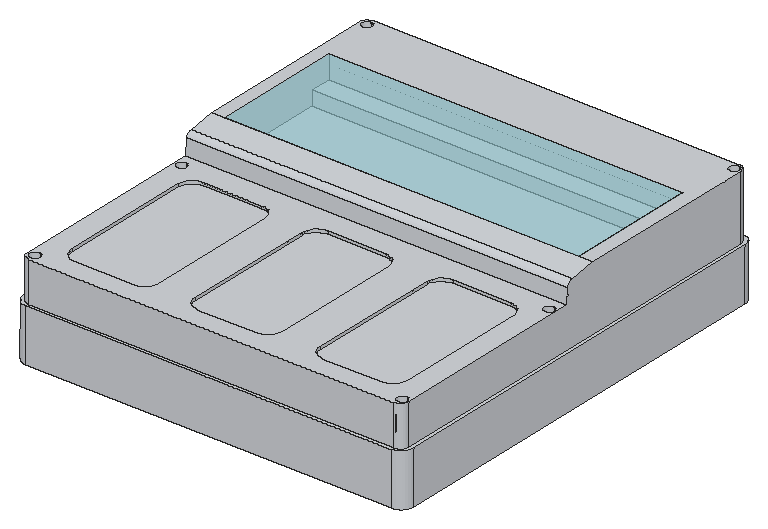
Revit family "Building-ConnessioniIEC309-GEWISS-COMBIBLOC_QUADRETTO_3PRESE", category Apparecchi elettrici, host Superficie, Revit 2019
Family settings
  Host = Superficie
  Mantenere orientamento annotazione = Sì
  Quota connettore circolare = Usa diametro
  Tipo di parte = Normale
  Taglio con vuoti quando caricato = No
  Condiviso = No
  Punto di calcolo locali = Sì
Parameters (values of type "GW66493 - QUADR.IP55 VUOTO VERT. COMBIBLOC 3 PRESE")
  simbolo 2d [instance] = yes
  Versione file RFA = "21.10"
  URL = "https://www.gewiss.com/it/it"
  Tipologia di installazione = "Da parete"
  Tipo versione = "Vuoto"
  Termopressione con biglia = "70 °C"
  Temperatura di utilizzo = "-25 +40 °C"
  Spostamento_effettivo_S [instance] = 4000 mm - Spostamento_S  # 2580 mm
  Spostamento_S = 1420 mm
  Scheda Tecnica = "https://www.gewiss.com/it/it/search?q=GW66493"
  STRUTTURA ALTA = Poche
  STRUTTURA = RAL - 7035
  SEO = "Quadretto"
  Resistenza agli urti = "IK08"
  Default Elevation = 1219.2 mm
  Produttore = "GEWISS S.p.A."
  Potenza dissipabile (W) = "24"
  Per prese: = "Compatte"
  N. prese IB alloggiabili: = "3 COMBIBLOC 16/32A"
  N. mod. EN 50022 = "12"
  N. flange in dotazione = "1"
  Modello = "GW66493"
  IDT = "14a8f57f4a104a09a3fed701f6578634"
  IDF = "8bd59a7b-e8f2-45cf-adba-4851684e172a"
  Grado di protezione = "IP55"
  Glow wire test: = "Vuoto"
  Glow Wire Test = "650°C"
  Dotazioni = "70 °C"
  Descrizione = "QUADR.IP55 VUOTO VERT. COMBIBLOC 3 PRESE"
  Creato da GEWISS S.p.A. = ""
  ConformitÃ  normativa = "EN 62208"
  Colore = "Grigio RAL 7035"
  Codice Electrocod = "0321"
  Classe isolamento = "II"
  Catalogo = "BUILDING"
  COBie.Tagnumber = ""
  COBie.CreatedOn = ""
  COBie.CreatebBy = ""
  COBie.ComponentRegisterItemID = ""
  COBie.Component.TagNumber = ""
  COBie.Component.Space = ""
  COBie.Component.SerialNumber = ""
  COBie.Component.InstallationDate = ""
  COBie.Component.Description = ""
  COBie.Component.BarCode = ""
Reference planes
  plane 1 "Centro (Fronte/Retro)": y = 0
  plane 2: z = 0
  plane 3 "Centro (Sinistra/Destra)": x = 0
  plane 4: x = -3000
  plane 5: x = -420
Forms (mm)
  Extrusion 1, solid, detail levels coarse
    sketch origin (0, 0, 0) x (1, 0, 0) y (0, 1, 0)
      loop
        line (0, 359.912) -> (0, 0) -> (320, 0) -> (320, 359.912) -> (0, 359.912)
    from 0 to 96
Lines and regions (mm)
  symbolic lines
    curve 1: line (2.511, 0, 105.105) -> (317.489, 0, 105.105)
    curve 2: line (2.511, 0, 81.105) -> (2.511, 0, 105.105)
    curve 3: line (317.489, 0, 81.105) -> (2.511, 0, 81.105)
    curve 4: line (317.489, 0, 105.105) -> (317.489, 0, 81.105)
    curve 5: line (0, 0, 81.105) -> (320, 0, 81.105)
    curve 6: line (0, 0, 0) -> (0, 0, 81.105)
    curve 7: line (320, 0, 0) -> (0, 0, 0)
    curve 8: line (320, 0, 81.105) -> (320, 0, 0)
Dimensions and locks
  plane 4 to plane 3 "Centro (Sinistra/Destra)" = 3000 mm
  "Spostamento_effettivo_S": plane 4 to plane 5
  aligned and locked: plane 2 to host face
  aligned and locked: level to host face
  aligned and locked: plane 1 "Centro (Fronte/Retro)" to nested 2
  aligned and locked: plane 3 "Centro (Sinistra/Destra)" to nested 2
  aligned and locked: Extrusion 1 sketch curve to nested 2  (x2)
  aligned and locked: Extrusion 1 to nested 2  (x3)
  aligned and locked: nested 2 to host face
  aligned and locked: nested 1 to plane 5
  aligned and locked: plane 3 "Centro (Sinistra/Destra)" to import instance
  aligned and locked: plane 1 "Centro (Fronte/Retro)" to import instance
Automatic sketch dimensions
  host sketch curve to host sketch curve = 2438.4 mm  (x2)
  plane 3 "Centro (Sinistra/Destra)" to Extrusion 1 sketch curve = 320 mm
  Extrusion 1 sketch curve to plane 1 "Centro (Fronte/Retro)" = 359.912 mm
  curve 7 to level = 0 mm
  curve 7 to plane 3 "Centro (Sinistra/Destra)" = 0 mm
  plane 3 "Centro (Sinistra/Destra)" to curve 3 = 2.511 mm
  level to curve 1 = 105.105 mm
  curve 1 to curve 1 = 314.977 mm
  curve 3 to curve 7 = 2.511 mm
  curve 2 to curve 1 = 24 mm
  curve 8 to curve 3 = 0 mm
Nested families
  nested 1: "simb_CENTRALINO_BASE_cad pro" at (-420, 737.795, 0), visible <- "simbolo 2d", type "simb_CENTRALINO_BASE_cad pro"
    with Distanza dal muro 0.1 mm
  nested 2: "IB QUADRETTI PER 3 PRESE IB COMPATTE_base" at (0, 0, -32.045), type "IB QUADRETTI PER 3 PRESE IB COMPATTE_base", detail levels medium+fine
Definition of nested family "IB QUADRETTI PER 3 PRESE IB COMPATTE_base"
  Parameters (values of type "IB QUADRETTI PER 3 PRESE IB COMPATTE_base")
    d_piano = 32.045 mm
    Vetro = none
    Struttura = none
    Spessore = 96 mm
    Default Elevation = 14 mm
    Presa = none
    Larghezza = 320 mm
    IFC.TypeObject = ""
    IFC.ExportType = ""
    IFC.ExportAs = ""
    COBie.CreatedOn = ""
    COBie.CreatebBy = ""
    COBie.ComponentRegisterItemID = ""
    COBie.Component.TagNumber = ""
    COBie.Component.Space = ""
    COBie.Component.SerialNumber = ""
    COBie.Component.InstallationDate = ""
    COBie.Component.Description = ""
    COBie.Component.BarCode = ""
    Altezza = 359.912 mm
  Reference planes
    plane 1 "Centro (Fronte/Retro)": y = 0
    plane 2: z = 0
    plane 3 "Centro (Sinistra/Destra)": x = 0
    plane 4: y = 410.827
    plane 5: x = 320
    plane 6: y = 356.291
    plane 7: x = 3.621
    plane 8: x = 316.379
    plane 9: y = 2.821
    plane 10: y = 359.912
    plane 11: z = 32.045
    plane 12: z = 75.045
    plane 13: z = 128.045
    plane 14: x = 14.621
    plane 15: x = 305.379
    plane 16: y = 151.272
    plane 17: y = 18.44
    plane 18: z = 108.045
    plane 19: z = 105.984
    plane 20: y = 349.892
    plane 21: x = 311.523
    plane 22: x = 10.03
    plane 23: y = 304.922
    plane 24: y = 198.075
    plane 25: z = 120.562
    plane 26: x = 23.077
    plane 27: x = 124.47
    plane 28: x = 94.819
    plane 29: x = 195.983
  Forms (mm)
    Extrusion 1, solid
      sketch origin (0, 0, 84.734) x (0, -1, 0) y (1, 0, 0)
        loop
          arc (-359.912, 10) -> (-356.983, 2.929) -> (-349.912, 0) r 10
          line (-349.912, 0) -> (-10, 0)
          arc (-10, 0) -> (-2.929, 2.929) -> (0, 10) r 10
          line (0, 10) -> (0, 310)
          arc (0, 310) -> (-2.929, 317.071) -> (-10, 320) r 10
          line (-10, 320) -> (-349.912, 320)
          arc (-349.912, 320) -> (-356.983, 317.071) -> (-359.912, 310) r 10
          line (-359.912, 310) -> (-359.912, 10)
      from -52.69 to -9.69
    Extrusion 2, solid
      sketch origin (0, 0, 84.734) x (0, -1, 0) y (1, 0, 0)
        loop
          arc (-356.291, 10.121) -> (-354.387, 5.525) -> (-349.791, 3.621) r 6.5
          line (-349.791, 3.621) -> (-9.277, 3.621)
          arc (-9.277, 3.621) -> (-4.712, 5.512) -> (-2.821, 10.077) r 6.456
          line (-2.821, 10.077) -> (-2.821, 309.879)
          arc (-2.821, 309.879) -> (-4.725, 314.475) -> (-9.321, 316.379) r 6.5
          line (-9.321, 316.379) -> (-349.791, 316.379)
          arc (-349.791, 316.379) -> (-354.387, 314.475) -> (-356.291, 309.879) r 6.5
          line (-356.291, 309.879) -> (-356.291, 10.121)
      from -9.69 to 43.31
    Extrusion 3, void
      sketch origin (0, 0, 0) x (0, 1, 0) y (0, 0, 1)
        loop
          line (198.075, 128.045) -> (198.075, 113.321) -> (203.222, 113.321) -> (220.76, 97.788) -> (286.916, 97.788) -> (287.014, 109.308) -> (304.922, 109.308) -> (304.922, 128.045) -> (198.075, 128.045)
      from 14.621 to 305.379
    Extrusion 4, void
      sketch origin (0, 0, 0) x (0, 1, 0) y (0, 0, 1)
        loop
          line (2.821, 128.045) -> (2.821, 108.045) -> (171.66, 108.045) -> (172.491, 120.424)
          arc (172.491, 120.424) -> (174.549, 123.144) -> (177.585, 124.698) r 7.643
          arc (177.585, 124.698) -> (187.758, 126.813) -> (198.075, 128.045) r 120.646
          line (198.075, 128.045) -> (2.821, 128.045)
      from 3.621 to 316.379
    Extrusion 5, void
      sketch origin (0, 0, 84.734) x (0, -1, 0) y (1, 0, 0)
        loop
          arc (-151.272, 35.069) -> (-147.76, 26.589) -> (-139.28, 23.077) r 11.992
          line (-139.28, 23.077) -> (-30.44, 23.077)
          arc (-30.44, 23.077) -> (-21.955, 26.592) -> (-18.44, 35.077) r 12
          line (-18.44, 35.077) -> (-18.44, 82.819)
          arc (-18.44, 82.819) -> (-21.955, 91.304) -> (-30.44, 94.819) r 12
          line (-30.44, 94.819) -> (-139.272, 94.819)
          arc (-139.272, 94.819) -> (-147.757, 91.304) -> (-151.272, 82.819) r 12
          line (-151.272, 82.819) -> (-151.272, 35.069)
        loop
          arc (-151.272, 136.462) -> (-147.76, 127.982) -> (-139.28, 124.47) r 11.992
          line (-139.28, 124.47) -> (-30.44, 124.47)
          arc (-30.44, 124.47) -> (-21.955, 127.984) -> (-18.44, 136.47) r 12
          line (-18.44, 136.47) -> (-18.44, 183.983)
          arc (-18.44, 183.983) -> (-21.955, 192.469) -> (-30.44, 195.983) r 12
          line (-30.44, 195.983) -> (-139.272, 195.983)
          arc (-139.272, 195.983) -> (-147.757, 192.469) -> (-151.272, 183.983) r 12
          line (-151.272, 183.983) -> (-151.272, 136.462)
        loop
          arc (-151.272, 239.081) -> (-147.76, 230.602) -> (-139.28, 227.09) r 11.992
          line (-139.28, 227.09) -> (-30.44, 227.09)
          arc (-30.44, 227.09) -> (-21.955, 230.604) -> (-18.44, 239.09) r 12
          line (-18.44, 239.09) -> (-18.44, 286.603)
          arc (-18.44, 286.603) -> (-21.955, 295.088) -> (-30.44, 298.603) r 12
          line (-30.44, 298.603) -> (-139.272, 298.603)
          arc (-139.272, 298.603) -> (-147.757, 295.088) -> (-151.272, 286.603) r 12
          line (-151.272, 286.603) -> (-151.272, 239.081)
      from 21.25 to 23.31
    Extrusion 6, void
      sketch origin (0, 0, 84.734) x (0, -1, 0) y (1, 0, 0)
        loop
          circle (-349.892, 10.03) r 4.143
        loop
          circle (-349.892, 311.523) r 4.143
        loop
          circle (-159.833, 10.03) r 4.143
        loop
          circle (-159.833, 311.523) r 4.143
        loop
          circle (-9.22, 311.523) r 4.318
        loop
          circle (-9.22, 10.03) r 4.318
      from 0 to 43.31
    Extrusion 7, solid, material <- "Vetro"
      sketch origin (0, 0, 84.734) x (0, -1, 0) y (1, 0, 0)
        loop
          line (-198.075, 14.621) -> (-198.075, 305.379) -> (-304.922, 305.379) -> (-304.922, 14.621) -> (-198.075, 14.621)
      from 35.828 to 43.31
  Cuts and joins
    Extrusion 3, Extrusion 4, Extrusion 5, Extrusion 6 cuts Extrusion 2
  Dimensions and locks
    locked: plane 10 to plane 6 at 3.621
    locked: plane 3 "Centro (Sinistra/Destra)" to plane 7 at 3.621
    locked: plane 8 to plane 5 at 3.621
    locked: plane 1 "Centro (Fronte/Retro)" to plane 9 at 2.821
    locked: plane 12 to plane 11 at 43
    locked: plane 13 to plane 12 at 53
    locked: plane 7 to plane 14 at 11
    locked: plane 15 to plane 8 at 11
    Extrusion 5 to plane 1 "Centro (Fronte/Retro)" = 151.272 mm
    locked: plane 19 to plane 18 at 2.06
    "d_piano": plane 11 to level
    locked: plane 24 to plane 23 at 106.848
    locked: plane 13 to plane 25 at 7.483
    "Larghezza": plane 3 "Centro (Sinistra/Destra)" to plane 5
    locked: plane 21 to plane 8 at 4.856
    plane 27 to plane 29 = 71.514 mm
    locked: plane 26 to plane 28 at 71.742
    locked: plane 27 to plane 29 at 71.514
    radius of Extrusion 1 sketch curve = 10 mm  (x4)
    radius of Extrusion 2 sketch curve = 6.5 mm  (x3)
    radius of Extrusion 5 sketch curve = 11.992 mm
    radius of Extrusion 5 sketch curve = 12 mm  (x3)
    aligned and locked: level to plane 2
    aligned and locked: Extrusion 1 sketch curve to plane 10
    aligned and locked: Extrusion 1 sketch curve to plane 3 "Centro (Sinistra/Destra)"
    aligned and locked: Extrusion 1 sketch curve to plane 5
    aligned and locked: Extrusion 1 sketch curve to plane 1 "Centro (Fronte/Retro)"
    aligned and locked: Extrusion 1 to plane 11
    aligned and locked: plane 12 to Extrusion 1
    aligned and locked: Extrusion 2 sketch curve to plane 6
    aligned and locked: Extrusion 2 sketch curve to plane 7
    aligned and locked: Extrusion 2 sketch curve to plane 8
    aligned and locked: Extrusion 2 sketch curve to plane 9
    aligned and locked: Extrusion 2 to plane 12
    aligned and locked: plane 13 to Extrusion 2
    aligned and locked: Extrusion 3 sketch curve to plane 13
    aligned and locked: Extrusion 4 sketch curve to plane 13
    aligned and locked: Extrusion 4 sketch curve to plane 9
    aligned and locked: plane 7 to Extrusion 4
    aligned and locked: Extrusion 4 to plane 8
    aligned and locked: plane 18 to Extrusion 4
    aligned and locked: Extrusion 5 to Extrusion 4
    aligned and locked: plane 19 to Extrusion 5
    aligned and locked: plane 20 to Extrusion 6 sketch curve
    aligned and locked: Extrusion 6 sketch curve to plane 20
    aligned and locked: plane 21 to Extrusion 6 sketch curve  (x3)
    aligned and locked: plane 22 to Extrusion 6 sketch curve
    aligned and locked: Extrusion 6 sketch curve to plane 22  (x2)
    aligned and locked: Extrusion 2 to Extrusion 6
    aligned and locked: plane 14 to Extrusion 3
    aligned and locked: Extrusion 3 to plane 15
    aligned and locked: plane 13 to Extrusion 7
    aligned and locked: Extrusion 7 to plane 25
    aligned and locked: plane 26 to Extrusion 5 sketch curve
    aligned and locked: plane 28 to Extrusion 5 sketch curve
    aligned and locked: plane 27 to Extrusion 5 sketch curve
    aligned and locked: plane 29 to Extrusion 5 sketch curve
    aligned and locked: Extrusion 5 sketch curve to plane 16
    aligned and locked: Extrusion 5 sketch curve to plane 17
  Automatic sketch dimensions
    plane 22 to Extrusion 2 sketch curve = 0.047 mm
    plane 16 to Extrusion 3 sketch curve = 46.803 mm
    Extrusion 3 sketch curve to Extrusion 3 sketch curve = 5.147 mm
    plane 19 to Extrusion 3 sketch curve = 8.196 mm
    Extrusion 3 sketch curve to Extrusion 3 sketch curve = 17.538 mm
    Extrusion 3 sketch curve to plane 20 = 62.976 mm
    Extrusion 3 sketch curve to plane 18 = 1.263 mm
    Extrusion 3 sketch curve to Extrusion 3 sketch curve = 0.098 mm
    Extrusion 3 sketch curve to Extrusion 3 sketch curve = 17.908 mm
    Extrusion 3 sketch curve to plane 18 = 5.276 mm
    plane 18 to Extrusion 4 sketch curve = 0 mm
    plane 16 to Extrusion 4 sketch curve = 20.387 mm
    Extrusion 4 sketch curve to plane 13 = 7.621 mm
    Extrusion 4 sketch curve to Extrusion 4 sketch curve = 0.831 mm
    Extrusion 4 sketch curve to Extrusion 4 sketch curve = 6.971 mm
    Extrusion 4 sketch curve to Extrusion 4 sketch curve = 18.613 mm
    level to Extrusion 4 sketch curve = 7.744 mm
    plane 16 to Extrusion 4 sketch curve = 55.931 mm
    Extrusion 4 sketch curve to Extrusion 4 sketch curve = 3.134 mm
    plane 16 to Extrusion 6 sketch curve = 8.561 mm  (x2)
    plane 9 to Extrusion 6 sketch curve = 6.399 mm  (x2)
    Extrusion 7 sketch curve to plane 14 = 0 mm
    Extrusion 7 sketch curve to plane 15 = 0 mm
    Extrusion 7 sketch curve to plane 23 = 0 mm
    Extrusion 7 sketch curve to plane 24 = 0 mm
    Extrusion 5 sketch curve to plane 16 = 0 mm
    plane 16 to Extrusion 5 sketch curve = 0 mm
    plane 17 to Extrusion 5 sketch curve = 0 mm
    Extrusion 5 sketch curve to plane 17 = 0 mm
    Extrusion 5 sketch curve to plane 16 = 11.992 mm
    Extrusion 5 sketch curve to Extrusion 5 sketch curve = 11.992 mm
    plane 15 to Extrusion 5 sketch curve = 6.776 mm
    Extrusion 5 sketch curve to plane 16 = 12 mm  (x2)
    plane 17 to Extrusion 5 sketch curve = 12 mm  (x4)
    plane 29 to Extrusion 5 sketch curve = 31.106 mm
    radius of Extrusion 6 sketch curve = 4.143 mm  (x4)
    radius of Extrusion 6 sketch curve = 4.318 mm  (x2)
Definition of nested family "simb_CENTRALINO_BASE_cad pro"
  Parameters (values of type "simb_CENTRALINO_BASE_cad pro")
    Distanza dal muro [instance] = 0 mm
  Reference planes
    plane 1: y = 0
    plane 2: x = 0
  Dimensions and locks
    "Distanza dal muro": plane 1 to nested 1
    aligned and locked: plane 2 to nested 1
  Nested families
    nested 1: "CENTRALINO_BASE_cad pro" at (0, 0, 0), type "CENTRALINO"
  Definition of nested family "CENTRALINO_BASE_cad pro"
    Parameters (values of type "CENTRALINO")
      Distanza dal muro = 0 mm
    Reference planes
      plane 1: y = 0
      plane 2: x = 0
    Lines and regions (mm)
      detail lines
        curve 1: line (1.33, 1.33, 0) -> (2.109, 1.33, 0)
        curve 2: line (2.109, 1.33, 0) -> (2.109, 0, 0)
        curve 3: line (2.109, 0, 0) -> (1.33, 0, 0)
        curve 4: line (1.33, 0, 0) -> (-1.33, 1.33, 0)
        curve 5: line (-1.33, 1.33, 0) -> (1.33, 1.33, 0)
        curve 6: line (1.33, 1.33, 0) -> (1.33, 0, 0)
        curve 7: line (1.33, 0, 0) -> (-1.33, 0, 0)
        curve 8: line (-1.33, 0, 0) -> (-1.33, 1.33, 0)
        curve 9: line (1.461, 0.665, 0) -> (1.977, 0.665, 0)
        curve 10: line (1.719, 0.665, 0) -> (1.719, 1.01, 0)
        curve 11: arc (1.977, 0.406, 0) -> (1.719, 0.665, 0) -> (1.461, 0.406, 0) r 0.258
